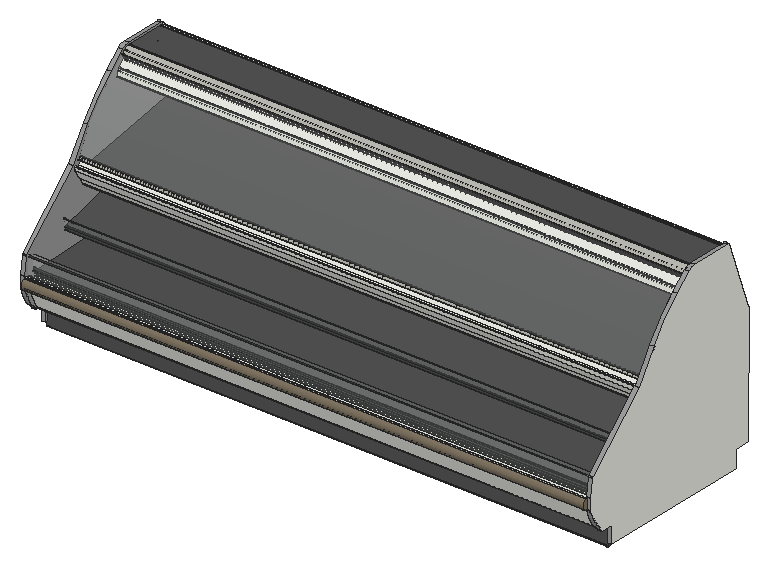
Revit family "CR3-M-EP_2014", category Specialty Equipment, Revit 2014 (continued)
Automatic sketch dimensions
  Extrusion 4 sketch curve to Extrusion 4 sketch curve = 0.094"
  plane 1 "Back" to Extrusion 4 sketch curve = 5.35709"
  plane 3 "Top" to Extrusion 4 sketch curve = 2.81137"
  Extrusion 4 sketch curve to Extrusion 4 sketch curve = 0.05499"
  Extrusion 4 sketch curve to Extrusion 4 sketch curve = 0.30164"
  Extrusion 4 sketch curve to Extrusion 4 sketch curve = 0.16454"
  Extrusion 4 sketch curve to Extrusion 4 sketch curve = 0.02668"  (x3)
  plane 3 "Top" to Extrusion 4 sketch curve = 0.09328"
  Extrusion 4 sketch curve to Extrusion 4 sketch curve = 0.94638"
  Extrusion 4 sketch curve to plane 3 "Top" = 0.10543"
  Extrusion 4 sketch curve to Extrusion 4 sketch curve = 0.28379"
  plane 3 "Top" to Extrusion 4 sketch curve = 3.43393"  (x2)
  Extrusion 4 sketch curve to Extrusion 4 sketch curve = 1.28523"
  Extrusion 4 sketch curve to plane 3 "Top" = 0.01343"
  Extrusion 4 sketch curve to Extrusion 4 sketch curve = 0.58404"
  Extrusion 4 sketch curve to Extrusion 4 sketch curve = 0.36"
  Extrusion 4 sketch curve to Extrusion 4 sketch curve = 0.078"
  Extrusion 4 sketch curve to Extrusion 4 sketch curve = 0.99303"
  Extrusion 4 sketch curve to Extrusion 4 sketch curve = 0.10921"
  plane 3 "Top" to Extrusion 4 sketch curve = 3.03274"
  Extrusion 4 sketch curve to Extrusion 4 sketch curve = 0.0733"  (x4)
  plane 3 "Top" to Extrusion 4 sketch curve = 2.99773"
  Extrusion 4 sketch curve to Extrusion 4 sketch curve = 0.12674"
  plane 3 "Top" to Extrusion 4 sketch curve = 3.07661"
  Extrusion 4 sketch curve to Extrusion 4 sketch curve = 0.00383"
  plane 3 "Top" to Extrusion 4 sketch curve = 2.99595"
  Extrusion 4 sketch curve to Extrusion 4 sketch curve = 0.13143"
  Extrusion 4 sketch curve to Extrusion 4 sketch curve = 0.16815"
  plane 3 "Top" to Extrusion 4 sketch curve = 3.45906"
  Extrusion 4 sketch curve to Extrusion 4 sketch curve = 0.09297"
  Extrusion 4 sketch curve to Extrusion 4 sketch curve = 0.21505"
  Extrusion 4 sketch curve to Extrusion 4 sketch curve = 0.57523"
  plane 3 "Top" to Extrusion 4 sketch curve = 5.61685"
  Extrusion 4 sketch curve to Extrusion 4 sketch curve = 0.07283"
  Extrusion 4 sketch curve to Extrusion 4 sketch curve = 0.39425"
  Extrusion 4 sketch curve to Extrusion 4 sketch curve = 0.25315"
  Extrusion 4 sketch curve to Extrusion 4 sketch curve = 1.4963"
  Extrusion 4 sketch curve to Extrusion 4 sketch curve = 10.83904"
  Extrusion 4 sketch curve to Extrusion 4 sketch curve = 5.63256"
  plane 3 "Top" to Extrusion 4 sketch curve = 6.64353"
  Extrusion 4 sketch curve to Extrusion 4 sketch curve = 0.39943"
  plane 3 "Top" to Extrusion 4 sketch curve = 0.34572"
  Extrusion 4 sketch curve to Extrusion 4 sketch curve = 1.07272"
  plane 3 "Top" to Extrusion 4 sketch curve = 5.63104"
  Extrusion 4 sketch curve to Extrusion 4 sketch curve = 1.75628"
  Extrusion 4 sketch curve to Extrusion 4 sketch curve = 0.96014"
  plane 3 "Top" to Extrusion 4 sketch curve = 5.09665"
  Extrusion 4 sketch curve to Extrusion 4 sketch curve = 0.31787"
  Extrusion 4 sketch curve to Extrusion 4 sketch curve = 0.08586"
  Extrusion 4 sketch curve to Extrusion 4 sketch curve = 0.09299"
  Extrusion 4 sketch curve to Extrusion 4 sketch curve = 0.34287"
  plane 3 "Top" to Extrusion 4 sketch curve = 2.8629"
  Extrusion 4 sketch curve to Extrusion 4 sketch curve = 0.00169"
  Extrusion 4 sketch curve to Extrusion 4 sketch curve = 3.46413"
  Extrusion 4 sketch curve to Extrusion 4 sketch curve = 0.1985"
  Extrusion 4 sketch curve to Extrusion 4 sketch curve = 0.39567"
  Extrusion 4 sketch curve to Extrusion 4 sketch curve = 0.02615"
  Extrusion 4 sketch curve to Extrusion 4 sketch curve = 0.09454"
  Extrusion 4 sketch curve to Extrusion 4 sketch curve = 0.9635"
  Extrusion 4 sketch curve to Extrusion 4 sketch curve = 0.55307"
  Extrusion 4 sketch curve to Extrusion 4 sketch curve = 0.22491"
  level to Extrusion 4 sketch curve = 7.60758"
  Extrusion 4 sketch curve to Extrusion 4 sketch curve = 1.08831"
  Extrusion 4 sketch curve to Extrusion 4 sketch curve = 0.96365"
  plane 3 "Top" to Extrusion 4 sketch curve = 3.963"
  Extrusion 4 sketch curve to Extrusion 4 sketch curve = 0.66947"
  Extrusion 4 sketch curve to Extrusion 4 sketch curve = 0.29278"
  Extrusion 4 sketch curve to Extrusion 4 sketch curve = 0.03128"
  plane 3 "Top" to Extrusion 4 sketch curve = 3.8676"
  Extrusion 4 sketch curve to Extrusion 4 sketch curve = 0.06541"  (x3)
  Extrusion 4 sketch curve to Extrusion 4 sketch curve = 0.08373"
  Extrusion 4 sketch curve to Extrusion 4 sketch curve = 0.01755"
  plane 3 "Top" to Extrusion 4 sketch curve = 4.1655"
  Extrusion 4 sketch curve to Extrusion 4 sketch curve = 0.0336"
  Extrusion 4 sketch curve to Extrusion 4 sketch curve = 0.06279"
  plane 3 "Top" to Extrusion 4 sketch curve = 5.443"
  Extrusion 4 sketch curve to Extrusion 4 sketch curve = 0.34454"
  plane 3 "Top" to Extrusion 4 sketch curve = 5.43364"
  Extrusion 4 sketch curve to Extrusion 4 sketch curve = 0.03373"
  plane 3 "Top" to Extrusion 4 sketch curve = 5.76495"
  plane 3 "Top" to Extrusion 4 sketch curve = 5.7556"
  Extrusion 4 sketch curve to Extrusion 4 sketch curve = 0.02891"
  plane 3 "Top" to Extrusion 4 sketch curve = 5.73981"
  Extrusion 4 sketch curve to Extrusion 4 sketch curve = 0.02898"
  plane 3 "Top" to Extrusion 4 sketch curve = 5.73076"
  Extrusion 4 sketch curve to Extrusion 4 sketch curve = 2.4815"
  Extrusion 4 sketch curve to Extrusion 4 sketch curve = 0.13688"
  Extrusion 4 sketch curve to Extrusion 4 sketch curve = 11/64"
  Extrusion 4 sketch curve to Extrusion 4 sketch curve = 0.04029"
  Extrusion 4 sketch curve to Extrusion 4 sketch curve = 0.06467"
  Extrusion 4 sketch curve to Extrusion 4 sketch curve = 0.06385"
  Extrusion 4 sketch curve to Extrusion 4 sketch curve = 1.13746"
  Extrusion 4 sketch curve to Extrusion 4 sketch curve = 4.3775"
  Extrusion 4 sketch curve to Extrusion 4 sketch curve = 0.01645"
  Extrusion 4 sketch curve to Extrusion 4 sketch curve = 0.4502"
  Extrusion 4 sketch curve to Extrusion 4 sketch curve = 0.00259"
  Extrusion 4 sketch curve to Extrusion 4 sketch curve = 0.05031"
  Extrusion 4 sketch curve to Extrusion 4 sketch curve = 0.01129"  (x5)
  Extrusion 4 sketch curve to Extrusion 4 sketch curve = 1.65387"
  Extrusion 4 sketch curve to Extrusion 4 sketch curve = 0.0325"  (x3)
  Extrusion 4 sketch curve to Extrusion 4 sketch curve = 1.22799"
  Extrusion 4 sketch curve to Extrusion 4 sketch curve = 0.00521"  (x2)
  Extrusion 4 sketch curve to Extrusion 4 sketch curve = 0.09662"  (x2)
  Extrusion 4 sketch curve to Extrusion 4 sketch curve = 0.83717"
  Extrusion 4 sketch curve to Extrusion 4 sketch curve = 1.59722"
  Extrusion 4 sketch curve to Extrusion 4 sketch curve = 0.87601"
  Extrusion 4 sketch curve to Extrusion 4 sketch curve = 0.08357"
  Extrusion 4 sketch curve to Extrusion 4 sketch curve = 0.02379"  (x2)
  Extrusion 4 sketch curve to Extrusion 4 sketch curve = 0.17499"
  Extrusion 4 sketch curve to Extrusion 4 sketch curve = 0.015"  (x4)
  Extrusion 4 sketch curve to Extrusion 4 sketch curve = 0.02598"
  Extrusion 4 sketch curve to Extrusion 4 sketch curve = 2.12313"
  Extrusion 4 sketch curve to Extrusion 4 sketch curve = 0.01904"
  Extrusion 4 sketch curve to Extrusion 4 sketch curve = 0.83568"
  Extrusion 4 sketch curve to Extrusion 4 sketch curve = 0.05629"  (x2)
  Extrusion 4 sketch curve to Extrusion 4 sketch curve = 0.15029"
  Extrusion 4 sketch curve to Extrusion 4 sketch curve = 0.03754"
  Extrusion 4 sketch curve to Extrusion 4 sketch curve = 0.49339"  (x2)
  Extrusion 4 sketch curve to Extrusion 4 sketch curve = 0.04596"
  Extrusion 4 sketch curve to Extrusion 4 sketch curve = 0.05157"
  Extrusion 4 sketch curve to Extrusion 4 sketch curve = 0.87159"
  Extrusion 4 sketch curve to Extrusion 4 sketch curve = 0.06189"
  Extrusion 4 sketch curve to Extrusion 4 sketch curve = 1.66598"
  Extrusion 4 sketch curve to Extrusion 4 sketch curve = 0.75885"
  Extrusion 4 sketch curve to Extrusion 4 sketch curve = 0.01798"
  Extrusion 4 sketch curve to Extrusion 4 sketch curve = 0.7957"
  Extrusion 4 sketch curve to Extrusion 4 sketch curve = 0.21178"
  Extrusion 4 sketch curve to Extrusion 4 sketch curve = 0.02642"
  Extrusion 4 sketch curve to Extrusion 4 sketch curve = 0.06333"
  plane 5 "Front" to Extrusion 4 sketch curve = 6.06739"
  Extrusion 4 sketch curve to Extrusion 4 sketch curve = 0.05811"
  Extrusion 4 sketch curve to Extrusion 4 sketch curve = 1/16"
  Extrusion 4 sketch curve to Extrusion 4 sketch curve = 0.00996"
  Extrusion 4 sketch curve to Extrusion 4 sketch curve = 0.06037"
  Extrusion 4 sketch curve to Extrusion 4 sketch curve = 0.345"  (x2)
  Extrusion 4 sketch curve to Extrusion 4 sketch curve = 0.72585"
  Extrusion 4 sketch curve to Extrusion 4 sketch curve = 0.002"
  Extrusion 4 sketch curve to Extrusion 4 sketch curve = 0.07433"
  Extrusion 4 sketch curve to Extrusion 4 sketch curve = 0.05894"
  Extrusion 4 sketch curve to Extrusion 4 sketch curve = 0.942"
  Extrusion 4 sketch curve to Extrusion 4 sketch curve = 0.437"
  Extrusion 4 sketch curve to Extrusion 4 sketch curve = 1.30099"
  Extrusion 4 sketch curve to Extrusion 4 sketch curve = 0.321"  (x2)
  Extrusion 4 sketch curve to Extrusion 4 sketch curve = 0.3835"
  Extrusion 4 sketch curve to Extrusion 4 sketch curve = 0.33171"
  Extrusion 4 sketch curve to Extrusion 4 sketch curve = 0.48743"
  Extrusion 4 sketch curve to Extrusion 4 sketch curve = 0.0925"  (x2)
  Extrusion 4 sketch curve to Extrusion 4 sketch curve = 0.71176"
  Extrusion 4 sketch curve to Extrusion 4 sketch curve = 0.95999"
  Extrusion 4 sketch curve to Extrusion 4 sketch curve = 0.0605"
  Extrusion 4 sketch curve to Extrusion 4 sketch curve = 0.136"
  Extrusion 4 sketch curve to Extrusion 4 sketch curve = 0.70692"
  Extrusion 4 sketch curve to Extrusion 4 sketch curve = 0.92046"
  Extrusion 4 sketch curve to Extrusion 4 sketch curve = 1.6225"
  Extrusion 4 sketch curve to Extrusion 4 sketch curve = 0.57125"
  Extrusion 4 sketch curve to Extrusion 4 sketch curve = 0.18131"
  Extrusion 4 sketch curve to Extrusion 4 sketch curve = 0.02229"
  Extrusion 4 sketch curve to Extrusion 4 sketch curve = 0.92417"
  Extrusion 4 sketch curve to Extrusion 4 sketch curve = 2.51608"
  Extrusion 4 sketch curve to Extrusion 4 sketch curve = 0.234"
  Extrusion 4 sketch curve to Extrusion 4 sketch curve = 3.88125"
  Extrusion 4 sketch curve to Extrusion 4 sketch curve = 0.91209"
  Extrusion 4 sketch curve to Extrusion 4 sketch curve = 0.01618"
  Extrusion 4 sketch curve to Extrusion 4 sketch curve = 0.11688"
  Extrusion 4 sketch curve to Extrusion 4 sketch curve = 1.62375"
  Extrusion 4 sketch curve to Extrusion 4 sketch curve = 0.49188"
  Extrusion 4 sketch curve to Extrusion 4 sketch curve = 0.062"
  Extrusion 4 sketch curve to Extrusion 4 sketch curve = 0.59641"
  Extrusion 4 sketch curve to Extrusion 4 sketch curve = 0.371"
  Extrusion 4 sketch curve to Extrusion 4 sketch curve = 0.24458"
  Extrusion 4 sketch curve to Extrusion 4 sketch curve = 12.25814"
  Extrusion 4 sketch curve to Extrusion 4 sketch curve = 0.00656"
  Extrusion 4 sketch curve to Extrusion 4 sketch curve = 0.39739"
  Extrusion 4 sketch curve to Extrusion 4 sketch curve = 0.32348"
  Extrusion 4 sketch curve to Extrusion 4 sketch curve = 0.40266"
  Extrusion 4 sketch curve to Extrusion 4 sketch curve = 2.20453"
  Extrusion 4 sketch curve to Extrusion 4 sketch curve = 0.96558"
  Extrusion 4 sketch curve to Extrusion 4 sketch curve = 0.00552"
  Extrusion 4 sketch curve to Extrusion 4 sketch curve = 0.00871"
  Extrusion 4 sketch curve to Extrusion 4 sketch curve = 0.2278"
  Extrusion 4 sketch curve to Extrusion 4 sketch curve = 0.43171"
  Extrusion 4 sketch curve to Extrusion 4 sketch curve = 0.48256"
  Extrusion 4 sketch curve to Extrusion 4 sketch curve = 0.21425"
  Extrusion 4 sketch curve to Extrusion 4 sketch curve = 0.2033"
  Extrusion 4 sketch curve to Extrusion 4 sketch curve = 0.10971"
  Extrusion 4 sketch curve to Extrusion 4 sketch curve = 1.49484"
  Extrusion 4 sketch curve to Extrusion 4 sketch curve = 0.03573"
  Extrusion 4 sketch curve to Extrusion 4 sketch curve = 1.57639"
  Extrusion 4 sketch curve to Extrusion 4 sketch curve = 2.55901"
  Extrusion 4 sketch curve to Extrusion 4 sketch curve = 2.10033"
  Extrusion 4 sketch curve to Extrusion 4 sketch curve = 0.18997"
  Extrusion 4 sketch curve to Extrusion 4 sketch curve = 0.02468"
  Extrusion 4 sketch curve to Extrusion 4 sketch curve = 0.1215"
  Extrusion 4 sketch curve to Extrusion 4 sketch curve = 0.02433"
  Extrusion 4 sketch curve to Extrusion 4 sketch curve = 0.27401"
  Extrusion 4 sketch curve to Extrusion 4 sketch curve = 0.45308"
  Extrusion 4 sketch curve to Extrusion 4 sketch curve = 0.53668"
  Extrusion 4 sketch curve to Extrusion 4 sketch curve = 2.0894"
  Extrusion 4 sketch curve to Extrusion 4 sketch curve = 0.71345"
  Extrusion 4 sketch curve to Extrusion 4 sketch curve = 0.15642"
  Extrusion 4 sketch curve to Extrusion 4 sketch curve = 0.37047"
  Extrusion 4 sketch curve to Extrusion 4 sketch curve = 0.04042"
  Extrusion 4 sketch curve to Extrusion 4 sketch curve = 0.07403"
  Extrusion 4 sketch curve to Extrusion 4 sketch curve = 0.70129"
  Extrusion 4 sketch curve to Extrusion 4 sketch curve = 0.03957"
  Extrusion 4 sketch curve to Extrusion 4 sketch curve = 4.44465"
  Extrusion 4 sketch curve to Extrusion 4 sketch curve = 0.01077"
  Extrusion 4 sketch curve to Extrusion 4 sketch curve = 119/256"
  Extrusion 4 sketch curve to Extrusion 4 sketch curve = 0.0054"
  Extrusion 4 sketch curve to Extrusion 4 sketch curve = 0.11679"
  Extrusion 4 sketch curve to Extrusion 4 sketch curve = 0.00402"
  Extrusion 4 sketch curve to Extrusion 4 sketch curve = 0.12516"
  Extrusion 4 sketch curve to Extrusion 4 sketch curve = 0.07006"
  Extrusion 4 sketch curve to Extrusion 4 sketch curve = 0.5022"
  Extrusion 4 sketch curve to Extrusion 4 sketch curve = 0.30902"
  Extrusion 4 sketch curve to Extrusion 4 sketch curve = 1.29255"
  Extrusion 4 sketch curve to Extrusion 4 sketch curve = 0.05975"
  Extrusion 4 sketch curve to Extrusion 4 sketch curve = 0.38356"
  Extrusion 4 sketch curve to Extrusion 4 sketch curve = 0.12226"
  Extrusion 4 sketch curve to Extrusion 4 sketch curve = 0.58074"
  Extrusion 4 sketch curve to Extrusion 4 sketch curve = 0.1275"
  Extrusion 4 sketch curve to Extrusion 4 sketch curve = 0.01682"
  Extrusion 4 sketch curve to Extrusion 4 sketch curve = 0.00295"
  Extrusion 4 sketch curve to Extrusion 4 sketch curve = 0.00176"
  Extrusion 4 sketch curve to Extrusion 4 sketch curve = 0.06381"
  Extrusion 4 sketch curve to Extrusion 4 sketch curve = 0.15477"
  Extrusion 4 sketch curve to Extrusion 4 sketch curve = 0.00759"
  Extrusion 4 sketch curve to Extrusion 4 sketch curve = 0.04499"
  Extrusion 4 sketch curve to Extrusion 4 sketch curve = 0.22824"
  Extrusion 4 sketch curve to Extrusion 4 sketch curve = 0.50144"
  Extrusion 4 sketch curve to Extrusion 4 sketch curve = 0.00074"
  Extrusion 4 sketch curve to Extrusion 4 sketch curve = 0.03597"
  Extrusion 4 sketch curve to Extrusion 4 sketch curve = 0.0059"
  Extrusion 4 sketch curve to Extrusion 4 sketch curve = 0.01002"
  Extrusion 4 sketch curve to Extrusion 4 sketch curve = 0.19181"
  Extrusion 4 sketch curve to Extrusion 4 sketch curve = 0.00194"
  plane 3 "Top" to Extrusion 4 sketch curve = 6.83318"
  Extrusion 4 sketch curve to Extrusion 4 sketch curve = 0.00138"
  Extrusion 4 sketch curve to Extrusion 4 sketch curve = 0.11157"
  Extrusion 4 sketch curve to Extrusion 4 sketch curve = 0.00861"
  Extrusion 4 sketch curve to Extrusion 4 sketch curve = 0.00489"
  Extrusion 4 sketch curve to Extrusion 4 sketch curve = 0.31751"
  Extrusion 4 sketch curve to Extrusion 4 sketch curve = 0.00042"
  Extrusion 4 sketch curve to Extrusion 4 sketch curve = 0.03852"
  plane 3 "Top" to Extrusion 4 sketch curve = 2.44542"
  Extrusion 4 sketch curve to Extrusion 4 sketch curve = 0.15347"
  Extrusion 4 sketch curve to Extrusion 4 sketch curve = 0.00325"
  Extrusion 4 sketch curve to Extrusion 4 sketch curve = 0.23579"
  Extrusion 4 sketch curve to Extrusion 4 sketch curve = 0.00465"
  Extrusion 4 sketch curve to Extrusion 4 sketch curve = 0.00004"
  Extrusion 4 sketch curve to Extrusion 4 sketch curve = 0.30773"
  Extrusion 4 sketch curve to Extrusion 4 sketch curve = 0.51594"
  Extrusion 4 sketch curve to Extrusion 4 sketch curve = 0.013"
  plane 1 "Back" to Extrusion 13 sketch curve = 4.20791"
  Extrusion 13 sketch curve to Extrusion 13 sketch curve = 0.25088"
  plane 3 "Top" to Extrusion 13 sketch curve = 16.91654"
  Extrusion 13 sketch curve to Extrusion 13 sketch curve = 0.02625"
  Extrusion 13 sketch curve to Extrusion 13 sketch curve = 0.04547"
  Extrusion 13 sketch curve to Extrusion 13 sketch curve = 0.02273"
  Extrusion 13 sketch curve to Extrusion 13 sketch curve = 0.14549"
  Extrusion 13 sketch curve to Extrusion 13 sketch curve = 0.00428"
  Extrusion 13 sketch curve to Extrusion 13 sketch curve = 0.018"
  Extrusion 13 sketch curve to Extrusion 13 sketch curve = 0.02696"
  Extrusion 13 sketch curve to Extrusion 13 sketch curve = 0.00554"
  Extrusion 13 sketch curve to Extrusion 13 sketch curve = 0.02485"
  Extrusion 13 sketch curve to Extrusion 13 sketch curve = 0.03144"
  Extrusion 13 sketch curve to Extrusion 13 sketch curve = 0.01683"
  Extrusion 13 sketch curve to Extrusion 13 sketch curve = 0.17222"
  Extrusion 13 sketch curve to Extrusion 13 sketch curve = 0.00608"
  Extrusion 13 sketch curve to Extrusion 13 sketch curve = 0.00521"
  Extrusion 13 sketch curve to Extrusion 13 sketch curve = 0.02954"
  Extrusion 13 sketch curve to Extrusion 13 sketch curve = 0.06091"
  Extrusion 13 sketch curve to Extrusion 13 sketch curve = 0.0715"
  Extrusion 13 sketch curve to Extrusion 13 sketch curve = 0.13241"
  Extrusion 13 sketch curve to Extrusion 13 sketch curve = 0.02737"
  Extrusion 13 sketch curve to Extrusion 13 sketch curve = 0.11822"
  Extrusion 13 sketch curve to Extrusion 13 sketch curve = 0.00712"
  Extrusion 13 sketch curve to Extrusion 13 sketch curve = 0"  (x2)
  Extrusion 13 sketch curve to Extrusion 13 sketch curve = 0.03194"  (x2)
  Extrusion 13 sketch curve to Extrusion 13 sketch curve = 0.09273"
  Extrusion 13 sketch curve to Extrusion 13 sketch curve = 0.01432"
  Extrusion 13 sketch curve to Extrusion 13 sketch curve = 4.35206"
  Extrusion 11 sketch curve to Extrusion 11 sketch curve = 0"  (x4)
  plane 5 "Front" to Extrusion 11 sketch curve = 18.14405"
  Extrusion 11 sketch curve to Extrusion 11 sketch curve = 0.03497"
  Extrusion 11 sketch curve to Extrusion 11 sketch curve = 0.05701"
  Extrusion 11 sketch curve to Extrusion 11 sketch curve = 0.00068"
  Extrusion 11 sketch curve to Extrusion 11 sketch curve = 0.26341"
  Extrusion 11 sketch curve to Extrusion 11 sketch curve = 0.23131"
  Extrusion 11 sketch curve to Extrusion 11 sketch curve = 0.02234"
  Extrusion 11 sketch curve to Extrusion 11 sketch curve = 0.001"
  Extrusion 11 sketch curve to Extrusion 11 sketch curve = 0.05816"
  Extrusion 11 sketch curve to Extrusion 11 sketch curve = 0.05649"
  Extrusion 11 sketch curve to Extrusion 11 sketch curve = 0.01279"
  Extrusion 11 sketch curve to Extrusion 11 sketch curve = 0.05749"
  Extrusion 11 sketch curve to Extrusion 11 sketch curve = 0.02271"
  Extrusion 11 sketch curve to Extrusion 11 sketch curve = 0.05103"
  Extrusion 11 sketch curve to Extrusion 11 sketch curve = 0.06982"
  Extrusion 11 sketch curve to Extrusion 11 sketch curve = 0.05319"
  Extrusion 11 sketch curve to Extrusion 11 sketch curve = 0.02085"
  Extrusion 11 sketch curve to Extrusion 11 sketch curve = 0.24863"
  Extrusion 11 sketch curve to Extrusion 11 sketch curve = 0.01136"
  Extrusion 11 sketch curve to Extrusion 11 sketch curve = 0.10181"
  Extrusion 11 sketch curve to Extrusion 11 sketch curve = 0.01343"
  Extrusion 11 sketch curve to Extrusion 11 sketch curve = 0.17617"
  Extrusion 11 sketch curve to Extrusion 11 sketch curve = 0.0652"
  Extrusion 11 sketch curve to Extrusion 11 sketch curve = 0.13275"
  plane 3 "Top" to Extrusion 11 sketch curve = 1.39988"
  plane 1 "Back" to Extrusion 11 sketch curve = 19.25227"
  Extrusion 11 sketch curve to Extrusion 11 sketch curve = 0.00868"
  plane 3 "Top" to Extrusion 11 sketch curve = 1.7342"
  Extrusion 11 sketch curve to Extrusion 11 sketch curve = 0.16803"
  plane 3 "Top" to Extrusion 11 sketch curve = 1.65126"
  Extrusion 11 sketch curve to Extrusion 11 sketch curve = 0.01477"
  Extrusion 11 sketch curve to Extrusion 11 sketch curve = 0.04814"
  plane 3 "Top" to Extrusion 11 sketch curve = 1.82963"
  Extrusion 11 sketch curve to Extrusion 11 sketch curve = 0.06782"
  Extrusion 11 sketch curve to Extrusion 11 sketch curve = 0.01605"
  plane 3 "Top" to Extrusion 11 sketch curve = 1.83427"
  Extrusion 11 sketch curve to Extrusion 11 sketch curve = 0.0114"
  plane 3 "Top" to Extrusion 11 sketch curve = 1.72551"
  Extrusion 11 sketch curve to Extrusion 11 sketch curve = 0.15304"
  plane 3 "Top" to Extrusion 11 sketch curve = 2.07085"
  Extrusion 11 sketch curve to Extrusion 11 sketch curve = 0.19743"
  plane 3 "Top" to Extrusion 11 sketch curve = 0.95506"
  Extrusion 11 sketch curve to Extrusion 11 sketch curve = 0.63056"
  plane 3 "Top" to Extrusion 11 sketch curve = 1.31666"
  Extrusion 11 sketch curve to Extrusion 11 sketch curve = 0.03225"
  plane 3 "Top" to Extrusion 11 sketch curve = 1.09622"
  Extrusion 11 sketch curve to Extrusion 11 sketch curve = 0.11384"
  plane 3 "Top" to Extrusion 11 sketch curve = 0.86558"
  Extrusion 11 sketch curve to Extrusion 11 sketch curve = 0.12568"
  Extrusion 11 sketch curve to Extrusion 11 sketch curve = 0.02337"
  plane 3 "Top" to Extrusion 11 sketch curve = 1.22956"
  Extrusion 11 sketch curve to Extrusion 11 sketch curve = 0.02224"
  plane 3 "Top" to Extrusion 11 sketch curve = 2.21881"
  Extrusion 11 sketch curve to Extrusion 11 sketch curve = 0.19211"
  plane 3 "Top" to Extrusion 11 sketch curve = 0.97768"
  Extrusion 11 sketch curve to Extrusion 11 sketch curve = 0.04242"
  plane 3 "Top" to Extrusion 11 sketch curve = 1.17426"
  Extrusion 11 sketch curve to Extrusion 11 sketch curve = 0.03209"
  Extrusion 11 sketch curve to Extrusion 11 sketch curve = 0.00324"
  plane 3 "Top" to Extrusion 11 sketch curve = 0.88519"
  Extrusion 11 sketch curve to Extrusion 11 sketch curve = 0.06493"
  Extrusion 11 sketch curve to Extrusion 11 sketch curve = 35/128"
  plane 3 "Top" to Extrusion 11 sketch curve = 0.97232"
  Extrusion 11 sketch curve to Extrusion 11 sketch curve = 0.05977"
  Extrusion 11 sketch curve to Extrusion 11 sketch curve = 0.74659"
  plane 3 "Top" to Extrusion 11 sketch curve = 0.07037"
  Extrusion 11 sketch curve to Extrusion 11 sketch curve = 0.92962"
  Extrusion 11 sketch curve to plane 3 "Top" = 0.04115"
  Extrusion 11 sketch curve to Extrusion 11 sketch curve = 0.21146"
  Extrusion 11 sketch curve to Extrusion 11 sketch curve = 0.0781"
  Extrusion 11 sketch curve to Extrusion 11 sketch curve = 0.08006"
  Extrusion 11 sketch curve to Extrusion 11 sketch curve = 0.02165"
  Extrusion 11 sketch curve to Extrusion 11 sketch curve = 0.06791"
  Extrusion 11 sketch curve to Extrusion 11 sketch curve = 0.15832"
  plane 3 "Top" to Extrusion 11 sketch curve = 0.34572"
  Extrusion 11 sketch curve to Extrusion 11 sketch curve = 0.08217"
  Extrusion 11 sketch curve to Extrusion 11 sketch curve = 0.32732"
  Extrusion 11 sketch curve to Extrusion 11 sketch curve = 0.01637"
  Extrusion 11 sketch curve to plane 1 "Back" = 4.38285"
  Extrusion 11 sketch curve to Extrusion 11 sketch curve = 0.20997"
  plane 3 "Top" to Extrusion 11 sketch curve = 18.80828"
  Extrusion 11 sketch curve to Extrusion 11 sketch curve = 0.0229"
  Extrusion 11 sketch curve to Extrusion 11 sketch curve = 0.10169"
  Extrusion 11 sketch curve to Extrusion 11 sketch curve = 0.02884"
  Extrusion 11 sketch curve to Extrusion 11 sketch curve = 0.06024"
  Extrusion 11 sketch curve to Extrusion 11 sketch curve = 0.04023"
  Extrusion 11 sketch curve to Extrusion 11 sketch curve = 0.25707"
  Extrusion 11 sketch curve to Extrusion 11 sketch curve = 0.02688"
  Extrusion 11 sketch curve to Extrusion 11 sketch curve = 0.05327"
  Extrusion 11 sketch curve to Extrusion 11 sketch curve = 0.02245"
  Extrusion 11 sketch curve to Extrusion 11 sketch curve = 0.00027"
  Extrusion 11 sketch curve to Extrusion 11 sketch curve = 0.05422"
  Extrusion 11 sketch curve to Extrusion 11 sketch curve = 0.09285"
  Extrusion 11 sketch curve to Extrusion 11 sketch curve = 0.04609"
  Extrusion 11 sketch curve to Extrusion 11 sketch curve = 0.03447"
  Extrusion 11 sketch curve to Extrusion 11 sketch curve = 0.00846"
  Extrusion 11 sketch curve to Extrusion 11 sketch curve = 0.0021"
  Extrusion 11 sketch curve to Extrusion 11 sketch curve = 0.03168"
  Extrusion 11 sketch curve to Extrusion 11 sketch curve = 0.0384"
  Extrusion 11 sketch curve to Extrusion 11 sketch curve = 0.22693"
  Extrusion 11 sketch curve to Extrusion 11 sketch curve = 0.00749"
  Extrusion 11 sketch curve to Extrusion 11 sketch curve = 0.09452"
  Extrusion 11 sketch curve to Extrusion 11 sketch curve = 0.03351"
  plane 3 "Top" to Extrusion 11 sketch curve = 0.46482"
  Extrusion 11 sketch curve to Extrusion 11 sketch curve = 0.11476"
  Extrusion 11 sketch curve to Extrusion 11 sketch curve = 0.06815"
  Extrusion 14 sketch curve to Extrusion 14 sketch curve = 0"  (x2)
  plane 5 "Front" to Extrusion 14 sketch curve = 18.20106"
  Extrusion 14 sketch curve to Extrusion 14 sketch curve = 0.23262"
  Extrusion 14 sketch curve to plane 1 "Back" = 4.36059"
  level to Extrusion 14 sketch curve = 19.21683"
  plane 3 "Top" to Extrusion 14 sketch curve = 19.59132"
  Extrusion 14 sketch curve to Extrusion 14 sketch curve = 0.09159"
  plane 3 "Top" to Extrusion 14 sketch curve = 0.9955"
  Extrusion 14 sketch curve to Extrusion 14 sketch curve = 0.1428"
  level to Extrusion 39 sketch curve = 1"
  Extrusion 39 sketch curve to Extrusion 39 sketch curve = 3.99034"  (x2)
  Extrusion 39 sketch curve to Extrusion 39 sketch curve = 3/8"  (x2)
  plane 1 "Back" to Extrusion 39 sketch curve = 0.20841"  (x2)
  Extrusion 39 sketch curve to Extrusion 39 sketch curve = 1/4"  (x3)
  Extrusion 39 sketch curve to Extrusion 39 sketch curve = 0.31471"
  plane 5 "Front" to Extrusion 39 sketch curve = 1.24007"
  Extrusion 39 sketch curve to Extrusion 39 sketch curve = 5.78758"
  level to Extrusion 39 sketch curve = 13.13097"
  Extrusion 39 sketch curve to Extrusion 39 sketch curve = 2.51899"
  plane 5 "Front" to Extrusion 39 sketch curve = 2.13046"
  Extrusion 39 sketch curve to Extrusion 39 sketch curve = 7.15987"
  plane 5 "Front" to Extrusion 39 sketch curve = 1.78715"
  Extrusion 39 sketch curve to Extrusion 39 sketch curve = 0.3635"
  Extrusion 39 sketch curve to plane 1 "Back" = 4.36059"
  Extrusion 39 sketch curve to Extrusion 39 sketch curve = 13.60149"
  Extrusion 39 sketch curve to Extrusion 39 sketch curve = 17.3473"
  Extrusion 39 sketch curve to Extrusion 39 sketch curve = 0.07517"
  Extrusion 39 sketch curve to Extrusion 39 sketch curve = 0.19746"
  plane 3 "Top" to Extrusion 39 sketch curve = 16.82791"
  Extrusion 39 sketch curve to plane 1 "Back" = 0.02652"
  Extrusion 39 sketch curve to Extrusion 39 sketch curve = 7.46966"
  plane 3 "Top" to Extrusion 39 sketch curve = 3.82264"
  plane 3 "Top" to Extrusion 39 sketch curve = 2.68623"
  plane 3 "Top" to Extrusion 39 sketch curve = 0.44842"
  Extrusion 39 sketch curve to plane 3 "Top" = 0.06377"
  Extrusion 39 sketch curve to plane 3 "Top" = 0.14927"
  Extrusion 39 sketch curve to Extrusion 39 sketch curve = 3.40395"
  plane 1 "Back" to Extrusion 39 sketch curve = 6.12155"
  Extrusion 39 sketch curve to Extrusion 39 sketch curve = 10.47932"
  Extrusion 39 sketch curve to Extrusion 39 sketch curve = 3.77915"
  Extrusion 39 sketch curve to Extrusion 39 sketch curve = 4.62645"
  Extrusion 39 sketch curve to Extrusion 39 sketch curve = 0.06132"
  Extrusion 39 sketch curve to Extrusion 39 sketch curve = 9.2809"
  plane 5 "Front" to Extrusion 39 sketch curve = 7.75368"
  Extrusion 39 sketch curve to Extrusion 39 sketch curve = 2.60672"
  Extrusion 39 sketch curve to Extrusion 39 sketch curve = 0.01343"
  Extrusion 39 sketch curve to Extrusion 39 sketch curve = 0.0802"
  Extrusion 39 sketch curve to Extrusion 39 sketch curve = 2 29/32"
  Extrusion 39 sketch curve to Extrusion 39 sketch curve = 0.21081"
  plane 5 "Front" to Extrusion 40 sketch curve = 0.99007"
  Extrusion 40 sketch curve to Extrusion 40 sketch curve = 1/4"
  plane 5 "Front" to Extrusion 40 sketch curve = 1.78715"
  Extrusion 40 sketch curve to Extrusion 40 sketch curve = 0.34332"
  plane 5 "Front" to Extrusion 40 sketch curve = 4.75852"
  Extrusion 40 sketch curve to Extrusion 40 sketch curve = 0.01343"
  Extrusion 40 sketch curve to Extrusion 40 sketch curve = 2.60672"
  level to Extrusion 40 sketch curve = 1"
  Extrusion 40 sketch curve to Extrusion 40 sketch curve = 3/8"  (x2)
  Extrusion 40 sketch curve to Extrusion 40 sketch curve = 7.52115"
  plane 5 "Front" to Extrusion 40 sketch curve = 16.3595"
  Extrusion 40 sketch curve to Extrusion 40 sketch curve = 0.25749"
  Extrusion 40 sketch curve to Extrusion 40 sketch curve = 0.06132"
  Extrusion 40 sketch curve to Extrusion 40 sketch curve = 4.62645"
  Extrusion 40 sketch curve to Extrusion 40 sketch curve = 9.2809"
  plane 3 "Top" to Extrusion 40 sketch curve = 3.82264"
  Extrusion 40 sketch curve to Extrusion 40 sketch curve = 7.45727"
  plane 3 "Top" to Extrusion 40 sketch curve = 0.44842"
  Extrusion 40 sketch curve to Extrusion 40 sketch curve = 3.77915"
  Extrusion 40 sketch curve to Extrusion 40 sketch curve = 1.99804"
  Extrusion 40 sketch curve to plane 3 "Top" = 0.31377"
  plane 1 "Back" to Extrusion 40 sketch curve = 6.35647"
  Extrusion 40 sketch curve to plane 3 "Top" = 0.14927"
  Extrusion 40 sketch curve to Extrusion 40 sketch curve = 0.23492"
  plane 1 "Back" to Extrusion 40 sketch curve = 3.98736"
  plane 1 "Back" to Extrusion 40 sketch curve = 0.20841"  (x2)
  Extrusion 40 sketch curve to plane 1 "Back" = 0.02652"
  Extrusion 40 sketch curve to plane 1 "Back" = 0.04159"
  Extrusion 40 sketch curve to plane 1 "Back" = 4.36059"
  Extrusion 40 sketch curve to Extrusion 40 sketch curve = 3.99034"  (x2)
  Extrusion 40 sketch curve to Extrusion 40 sketch curve = 0.31471"
  Extrusion 40 sketch curve to Extrusion 40 sketch curve = 5.78758"
  level to Extrusion 40 sketch curve = 13.13097"
  Extrusion 40 sketch curve to Extrusion 40 sketch curve = 2 29/32"
  Extrusion 40 sketch curve to Extrusion 40 sketch curve = 2.51899"
  Extrusion 40 sketch curve to Extrusion 40 sketch curve = 4.25364"
  Extrusion 40 sketch curve to Extrusion 40 sketch curve = 0.3635"
  Extrusion 40 sketch curve to Extrusion 40 sketch curve = 13.60149"
  Extrusion 40 sketch curve to Extrusion 40 sketch curve = 7.54483"
  Extrusion 40 sketch curve to Extrusion 40 sketch curve = 0.07517"
  plane 3 "Top" to Extrusion 40 sketch curve = 16.82791"
  Extrusion 40 sketch curve to Extrusion 40 sketch curve = 0"
  Extrusion 1 sketch curve to Extrusion 1 sketch curve = 0"  (x2)
  Extrusion 2 sketch curve to Extrusion 2 sketch curve = 0"
  Extrusion 3 sketch curve to Extrusion 3 sketch curve = 0"
  curve 8 to plane 4 "Left" = 0"
  curve 8 to plane 8 "Right" = 0"
  curve 5 to plane 5 "Front" = 0"
  plane 1 "Back" to curve 1 = 0"
  plane 1 "Back" to curve 4 = 0"
  plane 1 "Back" to curve 2 = 0"
  plane 1 "Back" to curve 3 = 0"
  plane 1 "Back" to curve 5 = 0"
  Extrusion 15 sketch curve to Extrusion 15 sketch curve = 0"  (x3)
  plane 6 "Center (Left/Right)" to Extrusion 15 sketch curve = 5"
Nested families (in)
  nested 1: "Floor Support - Pegs" at (-75.99499, -30.6875, 0), type "Floor Support - Pegs"
  nested 2: "Floor Support - Pegs" at (65.38051, -30.6875, 0), type "Floor Support - Pegs"
  nested 3: "Service Doors - 110deg - 48" at (18.69301, -25.0591, 11.25191), visible <- "12 Case", type "Service Doors - 110deg - 48"
  nested 4: "Light" at (-5.30699, -11.1887, -4.00524), type "Light"
  nested 5: "Light" at (-5.30699, -21.97556, -23.79603), type "Light"
  nested 6: "Light" at (-5.30699, -27.6863, -31.8452), type "Light"
  nested 7: "Service Doors - 110deg - 48" at (-29.30699, -25.0591, 11.25191), visible <- "12 Case", type "Service Doors - 110deg - 48"
  nested 8: "Service Doors - 110deg - 48" at (-77.30699, -25.0591, 11.25191), visible <- "12 Case", type "Service Doors - 110deg - 48"
  nested 9: "Service Doors - 110deg - 48" at (18.69301, -25.0591, 11.25191), visible <- "12 Case", type "Service Doors - 110deg - 48", not visible
  nested 10: "Service Doors - 110deg - 48" at (-29.30699, -25.0591, 11.25191), visible <- "12 Case", type "Service Doors - 110deg - 48", not visible
  nested 11: "Service Doors - 110deg - 48" at (-77.30699, -25.0591, 11.25191), visible <- "12 Case", type "Service Doors - 110deg - 48", not visible
  nested 12: "Service Doors - 110deg - 48" at (-29.30699, -25.0591, 11.25191), visible <- "8 Case", type "Service Doors - 110deg - 48"
  nested 13: "Service Doors - 110deg - 48" at (-77.30699, -25.0591, 11.25191), visible <- "8 Case", type "Service Doors - 110deg - 48"
  nested 14: "Service Doors - 110deg - 48" at (-29.30699, -25.0591, 11.25191), visible <- "8 Case", type "Service Doors - 110deg - 48", not visible
  nested 15: "Service Doors - 110deg - 48" at (-77.30699, -25.0591, 11.25191), visible <- "8 Case", type "Service Doors - 110deg - 48", not visible
  nested 16: "Service Doors - 110deg - 48" at (-77.30699, -25.0591, 11.25191), visible <- "4 Case", type "Service Doors - 110deg - 48"
  nested 17: "Service Doors - 110deg - 48" at (-77.30699, -25.0591, 11.25191), visible <- "4 Case", type "Service Doors - 110deg - 48", not visible
  nested 18: "Service Doors - 110deg - 72" at (-77.30699, -25.0591, 11.25191), visible <- "6 Case", type "Service Doors - 110deg - 72"
  nested 19: "Service Doors - 110deg - 72" at (-72.99499, -14.67418, 0), visible <- "6 Case", type "Service Doors - 110deg - 72", not visible
  nested 20: "Sliding Doors" at (-77.30699, -0.27157, 7.54708), type "Sliding Doors"
  nested 21: "Shelf Braket - 02" at (-75.99499, -21.46057, 19.51458), type "Shelf Braket - 02"
  nested 22: "Shelf Braket - 02" at (65.38051, -21.46057, 19.51458), type "Shelf Braket - 02"
  nested 23: "Floor Support - Pegs" at (-28.86982, -30.6875, 0), type "Floor Support - Pegs"
  nested 24: "Shelf Braket - 02" at (-28.86982, -21.46057, 19.51458), type "Shelf Braket - 02"
  nested 25: "Floor Support - Pegs" at (18.25535, -30.6875, 0), type "Floor Support - Pegs"
  nested 26: "Shelf Braket - 02" at (18.25535, -21.46057, 19.51458), type "Shelf Braket - 02"
  nested 27: "Light" at (-5.30699, 0.84005, -2.48334), type "Light"
Connectors (in)
  piping at (-13.43199, -38.875, 0), diameter 1.5, driven by "Waste Drain"
    settings: on Extrusion 1, index 8, connector inside diameter 1 1/4", connector length 0", flow factor 0, pipe flow 0 GPM, pressure drop 0.00 psi, fitting loss kfactor 0, connector angle 0.00°, fixture units 0, engagement length 0", angle of deflection 0.00°, flow configuration 0, flow direction 0, fitting loss method 0, system type 16, joint type 0, gender type 0, connector reference index -1, connector utility 0, adjustable connector no, is connector primary yes, connector description "1 1/4\""
  piping at (60.38051, -37.125, 0), diameter 0.625, driven by "Refrig. Suction", driven by "Refrigeration Lines Suction"
    settings: on Extrusion 2, index 9, connector inside diameter 7/8", connector length 0", flow factor 0, pipe flow 0 GPM, pressure drop 0.00 psi, fitting loss kfactor 0, connector angle 0.00°, fixture units 0, engagement length 0", angle of deflection 0.00°, flow configuration 0, flow direction 2, fitting loss method 0, system type 22, joint type 0, gender type 0, connector reference index -1, connector utility 0, adjustable connector no, is connector primary no, connector description "Suction"
  piping at (60.88051, -37.125, 0), diameter 0.375, driven by "Refrig. Liquid", driven by "Refrigeration Lines Liquid"
    settings: on Extrusion 3, index 10, connector inside diameter 3/8", connector length 0", flow factor 0, pipe flow 0 GPM, pressure drop 0.00 psi, fitting loss kfactor 0, connector angle 0.00°, fixture units 0, engagement length 0", angle of deflection 0.00°, flow configuration 0, flow direction 1, fitting loss method 0, system type 22, joint type 0, gender type 0, connector reference index -1, connector utility 0, adjustable connector no, is connector primary no, connector description "Liquid"
  piping at (-0.30699, -17.375, 0), diameter 1.5, driven by "Waste Drain"
    settings: on Extrusion 15, index 13, connector inside diameter 1 1/4", connector length 0", flow factor 0, pipe flow 0 GPM, pressure drop 0.00 psi, fitting loss kfactor 0, connector angle 0.00°, fixture units 0, engagement length 0", angle of deflection 0.00°, flow configuration 0, flow direction 0, fitting loss method 0, system type 16, joint type 0, gender type 0, connector reference index -1, connector utility 0, adjustable connector no, is connector primary no, connector description ""
Definition of nested family "Floor Support - Pegs"
  Parameters (values of type "Floor Support - Pegs")
    Leg = Stainless Steel
    Height = 6"
    Depth = 35 3/4"
  Reference planes (in)
    plane 1 "Center (Front/Back)": y = 6.9375
    plane 2: z = 0
    plane 3 "Center (Left/Right)": x = 0
    plane 4: z = 6
    plane 5: y = 24.8125
    plane 6: y = -10.9375
  Forms (in)
    Revolve 1, solid, material "Stainless Steel" <- "Leg"
      sketch origin (0, 0, 0) x (0, 1, 0) y (0, 0, 1)
        loop
          line (-10.9375, 0) -> (-10.4375, 0) -> (-10.4375, 1.00794)
          arc (-10.4375, 1.00794) -> (-10.21653, 1.09947) -> (-10.125, 1.32044) r 0.3125
          line (-10.125, 1.32044) -> (-10.125, 3.375) -> (-10, 3.375) -> (-10, 6) -> (-10.9375, 6) -> (-10.9375, 0)
        axis (-10.9375, 0) -> (-10.9375, 6)
      angle from 0 to 360
    Revolve 2, solid, material "Stainless Steel" <- "Leg"
      sketch origin (0, 35.75, 0) x (0, 1, 0) y (0, 0, 1)
        loop
          line (-10.9375, 0) -> (-10.4375, 0) -> (-10.4375, 1.00794)
          arc (-10.4375, 1.00794) -> (-10.21653, 1.09947) -> (-10.125, 1.32044) r 0.3125
          line (-10.125, 1.32044) -> (-10.125, 3.375) -> (-10, 3.375) -> (-10, 6) -> (-10.9375, 6) -> (-10.9375, 0)
        axis (-10.9375, 0) -> (-10.9375, 6)
      angle from 0 to 360
  Dimensions and locks (in)
    "Height": plane 4 to level
    Revolve 1 sketch curve to Revolve 1 sketch curve = 5/16"
    locked: Revolve 1 sketch curve to Revolve 1 sketch curve at 0.5
    "Depth": plane 6 to plane 5
    equal spacing: plane 6, plane 1 "Center (Front/Back)", plane 5
    plane 4 to Revolve 1 sketch curve = 2 5/8"
    locked: Revolve 1 sketch curve to Revolve 1 sketch curve at 0.125
    Revolve 2 sketch curve to Revolve 2 sketch curve = 5/16"
    locked: Revolve 2 sketch curve to Revolve 2 sketch curve at 0.5
    locked: Revolve 2 sketch curve to Revolve 2 sketch curve at 0.125
    aligned and locked: plane 2 to level
    aligned and locked: Revolve 1 sketch curve to Revolve 1 sketch curve
    aligned and locked: plane 6 to Revolve 1 sketch curve
    aligned and locked: Revolve 2 sketch curve to Revolve 2 sketch curve
    aligned and locked: plane 5 to Revolve 2 sketch curve
  Automatic sketch dimensions
    Revolve 1 sketch curve to level = 0"  (x2)
    Revolve 1 sketch curve to plane 4 = 0"  (x2)
    Revolve 1 sketch curve to Revolve 1 sketch curve = 1.00794"
    Revolve 2 sketch curve to level = 0"  (x2)
    Revolve 2 sketch curve to plane 4 = 0"  (x2)
    level to Revolve 2 sketch curve = 1.00794"
    Revolve 2 sketch curve to Revolve 2 sketch curve = 2.05456"
Definition of nested family "Service Doors - 110deg - 48"
  Parameters (values of type "Service Doors - 110deg - 48")
    Glazing = Glass
    Door Frame = Plastic - 144 Mist Gray
  Reference planes (in)
    plane 1 "Center (Front/Back)": y = 25.29918
    plane 2: z = 0
    plane 3 "Center (Left/Right)": x = 0
  Forms (in)
    Sweep 1, solid, material "Plastic - 144 Mist Gray" <- "Door Frame"
      path in 3D
        loop
          line (48, 19.82686, 39.76221) -> (0, 19.82686, 39.76221) -> (0, 25.29918, 24.72713) -> (48, 25.29918, 24.72713) -> (48, 19.82686, 39.76221)
      profile origin (24, 19.82686, 39.76221) x (0, -0.999433, -0.03367) y (0, -0.03367, 0.999433)
        loop
          line (0.22211, -0.07247) -> (0, 0) -> (-0.46528, -1.42601) -> (1.67266, -2.12358) -> (1.98285, -1.17291) -> (0.08303, -0.55303) -> (0.22211, -0.07247)
    Extrusion 2, solid, material "Plastic - 144 Mist Gray" <- "Door Frame"
      sketch origin (1.5, 18.22664, 37.58351) x (0, 0.34202, -0.939693) y (0, 0.939693, 0.34202)
        loop
          line (0, 0.25) -> (13, 0.25) -> (13, 1.0625) -> (0, 1.0625) -> (0, 0.25)
      from 0 to 23
    Extrusion 3, solid, material "Plastic - 144 Mist Gray" <- "Door Frame"
      sketch origin (46.5, 22.67291, 25.36751) x (0, -0.34202, 0.939693) y (0, 0.939693, 0.34202)
        loop
          line (13, 1.875) -> (0, 1.875) -> (0, 1.0625) -> (13, 1.0625) -> (13, 1.875)
      from 0 to 23
    Extrusion 4, void
      sketch origin (46.5, 16.02328, 49.11934) x (0, -0.34202, 0.939693) y (-1, 0, 0)
        loop
          line (-23.09373, 21.5) -> (-23.09373, 1.5) -> (-13.09373, 1.5) -> (-13.09373, 21.5) -> (-23.09373, 21.5)
      from 0 to 0.8125
    Extrusion 5, void
      sketch origin (1.5, 18.28571, 38.15219) x (0, -0.34202, 0.939693) y (1, 0, 0)
        loop
          line (-2.01418, 21.5) -> (-12.01418, 21.5) -> (-12.01418, 1.5) -> (-2.01418, 1.5) -> (-2.01418, 21.5)
      from 0 to 0.8125
    Extrusion 6, solid, material "Glass" <- "Glazing"
      sketch origin (25, 24.43483, 26.0088) x (0, -0.34202, 0.939693) y (0, -0.939693, -0.34202)
        loop
          line (1.5, 0.1875) -> (13, 0.1875) -> (13, 0.625) -> (1.5, 0.625) -> (1.5, 0.1875)
      from 0 to 20
    Extrusion 7, solid, material "Glass" <- "Glazing"
      sketch origin (23, 18.46157, 37.66902) x (0, 0.34202, -0.939693) y (0, -0.939693, -0.34202)
        loop
          line (1.5, -0.625) -> (13, -0.625) -> (13, -0.1875) -> (1.5, -0.1875) -> (1.5, -0.625)
      from 0 to 20
  Cuts and joins
    Extrusion 4 cuts Extrusion 3
    Extrusion 5 cuts Extrusion 2
  Lines and regions (in)
    sketch lines
      curve 1: line (48, 25.29918, 24.72713) -> (48, 19.82686, 39.76221)
      curve 2: line (0, 19.82686, 39.76221) -> (0, 25.29918, 24.72713)
      curve 3: line (48, 19.82686, 39.76221) -> (0, 19.82686, 39.76221)
      curve 4: line (48, 25.29918, 24.72713) -> (0, 25.29918, 24.72713)
  Dimensions and locks (in)
    Extrusion 2 to Extrusion 3 = 45"
    plane 3 "Center (Left/Right)" to Sweep 1 = 48"
    Sweep 1 to Sweep 1 = 1 1/2"
    locked: cut or joined group of Extrusion 3, Extrusion 4 to Extrusion 4 sketch curve at 1.5
    locked: Extrusion 5 sketch curve to cut or joined group of Extrusion 2, Extrusion 5 at 1.5
    Sweep 1 to Sweep 1 = 16"
    locked: cut or joined group of Extrusion 2, Extrusion 5 to Extrusion 5 sketch curve at 1.5  (x2)
    locked: Sweep 1 to Extrusion 5 sketch curve at 1.5
    locked: Extrusion 4 sketch curve to Sweep 1 at 1.5  (x3)
    Sweep 1 to Sweep 1 = 45"
    angle level to Sweep 1 = 110.00°
    aligned and locked: plane 2 to level
    aligned and locked: Extrusion 3 to Sweep 1  (x3)
    aligned and locked: Extrusion 2 to Sweep 1
    aligned and locked: Extrusion 6 to cut or joined group of Extrusion 3, Extrusion 4
    aligned and locked: cut or joined group of Extrusion 3, Extrusion 4 to Extrusion 6
    aligned and locked: cut or joined group of Extrusion 2, Extrusion 5 to Extrusion 7
    aligned and locked: plane 1 "Center (Front/Back)" to Sweep 1
    aligned and locked: Sweep 1 to Extrusion 2 sketch curve  (x2)
    aligned and locked: cut or joined group of Extrusion 2, Extrusion 5 to Extrusion 7 sketch curve
    aligned and locked: Extrusion 7 sketch curve to Sweep 1
    aligned and locked: Sweep 1 to Extrusion 3 sketch curve  (x2)
    aligned and locked: Extrusion 6 sketch curve to Sweep 1
    aligned and locked: Extrusion 6 sketch curve to cut or joined group of Extrusion 3, Extrusion 4
Definition of nested family "Service Doors - 110deg - 72"
  Parameters (values of type "Service Doors - 110deg - 72")
    Glazing = none
    Door Frame = none
  Reference planes (in)
    plane 1 "Center (Front/Back)": y = 25.29918
    plane 2: z = 0
    plane 3 "Center (Left/Right)": x = 0
  Forms (in)
    Sweep 1, solid, material <- "Door Frame"
      path in 3D
        loop
          line (72, 19.82686, 39.76221) -> (0, 19.82686, 39.76221) -> (0, 25.29918, 24.72713) -> (72, 25.29918, 24.72713) -> (72, 19.82686, 39.76221)
      profile origin (36, 19.82686, 39.76221) x (0, -0.999433, -0.03367) y (0, -0.03367, 0.999433)
        loop
          line (0.22211, -0.07247) -> (0, 0) -> (-0.46528, -1.42601) -> (1.67266, -2.12358) -> (1.98285, -1.17291) -> (0.08303, -0.55303) -> (0.22211, -0.07247)
    Extrusion 2, solid, material <- "Door Frame"
      sketch origin (1.5, 18.22664, 37.58351) x (0, 0.34202, -0.939693) y (0, 0.939693, 0.34202)
        loop
          line (0, 0.25) -> (13, 0.25) -> (13, 1.0625) -> (0, 1.0625) -> (0, 0.25)
      from 0 to 35
    Extrusion 3, solid, material <- "Door Frame"
      sketch origin (70.5, 22.67291, 25.36751) x (0, -0.34202, 0.939693) y (0, 0.939693, 0.34202)
        loop
          line (13, 1.875) -> (0, 1.875) -> (0, 1.0625) -> (13, 1.0625) -> (13, 1.875)
      from 0 to 35
    Extrusion 4, void
      sketch origin (70.5, 16.02328, 49.11934) x (0, -0.34202, 0.939693) y (-1, 0, 0)
        loop
          line (-23.09373, 33.5) -> (-23.09373, 1.5) -> (-13.09373, 1.5) -> (-13.09373, 33.5) -> (-23.09373, 33.5)
      from 0 to 0.8125
    Extrusion 5, void
      sketch origin (1.5, 18.28571, 38.15219) x (0, -0.34202, 0.939693) y (1, 0, 0)
        loop
          line (-2.01418, 33.5) -> (-12.01418, 33.5) -> (-12.01418, 1.5) -> (-2.01418, 1.5) -> (-2.01418, 33.5)
      from 0 to 0.8125
    Extrusion 6, solid, material <- "Glazing"
      sketch origin (37, 24.43483, 26.0088) x (0, -0.34202, 0.939693) y (0, -0.939693, -0.34202)
        loop
          line (1.5, 0.1875) -> (13, 0.1875) -> (13, 0.625) -> (1.5, 0.625) -> (1.5, 0.1875)
      from 0 to 32
    Extrusion 7, solid, material <- "Glazing"
      sketch origin (35, 18.46157, 37.66902) x (0, 0.34202, -0.939693) y (0, -0.939693, -0.34202)
        loop
          line (1.5, -0.625) -> (13, -0.625) -> (13, -0.1875) -> (1.5, -0.1875) -> (1.5, -0.625)
      from 0 to 32
  Cuts and joins
    Extrusion 4 cuts Extrusion 3
    Extrusion 5 cuts Extrusion 2
  Lines and regions (in)
    sketch lines
      curve 1: line (72, 25.29918, 24.72713) -> (72, 19.82686, 39.76221)
      curve 2: line (0, 19.82686, 39.76221) -> (0, 25.29918, 24.72713)
      curve 3: line (72, 19.82686, 39.76221) -> (0, 19.82686, 39.76221)
      curve 4: line (72, 25.29918, 24.72713) -> (0, 25.29918, 24.72713)
  Dimensions and locks (in)
    Extrusion 2 to Extrusion 3 = 69"
    plane 3 "Center (Left/Right)" to Sweep 1 = 72"
    Sweep 1 to Sweep 1 = 1 1/2"
    locked: cut or joined group of Extrusion 3, Extrusion 4 to Extrusion 4 sketch curve at 1.5
    locked: Extrusion 5 sketch curve to cut or joined group of Extrusion 2, Extrusion 5 at 1.5
    Sweep 1 to Sweep 1 = 16"
    locked: cut or joined group of Extrusion 2, Extrusion 5 to Extrusion 5 sketch curve at 1.5  (x2)
    locked: Sweep 1 to Extrusion 5 sketch curve at 1.5
    locked: Extrusion 4 sketch curve to Sweep 1 at 1.5  (x3)
    Sweep 1 to Sweep 1 = 69"
    angle level to Sweep 1 = 110.00°
    aligned and locked: plane 2 to level
    aligned and locked: Extrusion 3 to Sweep 1  (x3)
    aligned and locked: Extrusion 2 to Sweep 1
    aligned and locked: Extrusion 6 to cut or joined group of Extrusion 3, Extrusion 4
    aligned and locked: cut or joined group of Extrusion 3, Extrusion 4 to Extrusion 6
    aligned and locked: cut or joined group of Extrusion 2, Extrusion 5 to Extrusion 7
    aligned and locked: plane 1 "Center (Front/Back)" to Sweep 1
    aligned and locked: Sweep 1 to Extrusion 2 sketch curve  (x2)
    aligned and locked: cut or joined group of Extrusion 2, Extrusion 5 to Extrusion 7 sketch curve
    aligned and locked: Extrusion 7 sketch curve to Sweep 1
    aligned and locked: Sweep 1 to Extrusion 3 sketch curve  (x2)
    aligned and locked: Extrusion 6 sketch curve to Sweep 1
    aligned and locked: Extrusion 6 sketch curve to cut or joined group of Extrusion 3, Extrusion 4
Definition of nested family "Sliding Doors"
  Parameters (values of type "Sliding Doors")
    Width = 144"
    Sliding Door = Plastic - 144 Mist Gray
    Height = 20 7/8"
  Reference planes (in)
    plane 1 "Back": y = 0
    plane 2: z = 0
    plane 3 "Left": x = 0
    plane 4: z = 20.875
    plane 5 "Right": x = 144
    plane 6 "Front": y = -1
    plane 7: x = 72
    plane 8: x = 71
    plane 9: x = 73
    plane 10: y = -0.5
  Forms (in)
    Extrusion 1, solid, material "Plastic - 144 Mist Gray" <- "Sliding Door"
      sketch origin (47, -24.3965, -7.37618) x (0, 1, 0) y (0, 0, 1)
        loop
          line (23.3965, 28.25118) -> (23.3965, 7.37618) -> (23.8965, 7.37618) -> (23.8965, 28.25118) -> (23.3965, 28.25118)
      from -47 to 26
    Extrusion 2, solid, material "Plastic - 144 Mist Gray" <- "Sliding Door"
      sketch origin (47, -24.3965, -7.37618) x (0, 1, 0) y (0, 0, 1)
        loop
          line (23.8965, 7.37618) -> (24.3965, 7.37618) -> (24.3965, 28.25118) -> (23.8965, 28.25118) -> (23.8965, 7.37618)
      from 24 to 97
    Extrusion 3, void
      sketch origin (25, -24.3965, -7.37618) x (1, 0, 0) y (0, 0, 1)
        loop
          circle (117, 17.81368) r 1
      from -24.3965 to -23.8965
    Extrusion 4, void
      sketch origin (47, -24.3965, -7.37618) x (1, 0, 0) y (0, 0, 1)
        loop
          circle (-45, 17.81368) r 1
      from -23.8965 to -23.3965
  Cuts and joins
    Extrusion 3 cuts Extrusion 2
    Extrusion 4 cuts Extrusion 1
  Dimensions and locks (in)
    "Height": plane 4 to level
    "Width": plane 5 "Right" to plane 3 "Left"
    equal spacing: plane 5 "Right", plane 7, plane 3 "Left"
    plane 9 to plane 7 to plane 8 = 1" locked, 1" locked
    equal spacing: plane 4, Extrusion 4 sketch curve, level
    equal spacing: plane 4, Extrusion 3 sketch curve, level
    locked: plane 5 "Right" to Extrusion 3 sketch curve at 2
    locked: Extrusion 4 sketch curve to plane 3 "Left" at 2
    plane 6 "Front" to plane 1 "Back" = 1"
    equal spacing: plane 6 "Front", plane 10, plane 1 "Back"
    aligned and locked: level to plane 2
    aligned and locked: plane 4 to Extrusion 1
    aligned and locked: Extrusion 2 to plane 4
    aligned and locked: plane 5 "Right" to Extrusion 2
    aligned and locked: Extrusion 1 to plane 3 "Left"
    aligned and locked: Extrusion 1 to level
    aligned and locked: Extrusion 2 to level
    aligned and locked: Extrusion 1 to plane 9
    aligned and locked: Extrusion 2 to plane 8
    aligned and locked: Extrusion 2 to plane 1 "Back"
    aligned and locked: Extrusion 3 to plane 1 "Back"
    aligned and locked: Extrusion 2 to Extrusion 3
    aligned and locked: Extrusion 1 to cut or joined group of Extrusion 2, Extrusion 3
    aligned and locked: plane 6 "Front" to Extrusion 4
    aligned and locked: Extrusion 1 to Extrusion 4
  Automatic sketch dimensions
    Extrusion 1 sketch curve to level = 0"
    Extrusion 1 sketch curve to plane 6 "Front" = 0"
    Extrusion 1 sketch curve to Extrusion 1 sketch curve = 1/2"
    Extrusion 1 sketch curve to plane 4 = 0"
    Extrusion 2 sketch curve to level = 0"
    Extrusion 2 sketch curve to plane 6 "Front" = 1/2"
    Extrusion 2 sketch curve to Extrusion 2 sketch curve = 1/2"
    Extrusion 2 sketch curve to plane 4 = 0"
    radius of Extrusion 3 sketch curve = 1"
    radius of Extrusion 4 sketch curve = 1"
Definition of nested family "Shelf Braket - 02"
  Parameters (values of type "Shelf Braket - 02")
    Shelf Bracket = none
  Reference planes (in)
    plane 1 "Center (Front/Back)": y = 0
    plane 2: z = 0
    plane 3 "Center (Left/Right)": x = 0
  Forms (in)
    Extrusion 1, solid, material <- "Shelf Bracket"
      sketch origin (0, 0, 0) x (0, 1, 0) y (0, 0, 1)
        loop
          line (-10.33152, 1.45513) -> (-9.99215, 0.18861) -> (-9.68311, 0) -> (-1.0625, 1.86551) -> (-0.9375, 2.08201) -> (-0.82925, 2.01951) -> (-0.95425, 1.80301) -> (-0.54999, 1.65322) -> (-0.48529, 1.8947) -> (-0.36455, 1.86235) -> (-0.42925, 1.62087) -> (0, 1.58081) -> (0, 1.83081) -> (0.125, 1.83081) -> (0.125, 1.58081) -> (0.55032, 1.65197) -> (0.48529, 1.8947) -> (0.60603, 1.92705) -> (0.66983, 1.68893) -> (0.74614, 1.70938) -> (0.83453, 1.86247) -> (0.73837, 2.22133) -> (0.58528, 2.30972) -> (0.00283, 2.17168) -> (-0.50249, 2.33547) -> (-0.719, 2.46047) -> (0, 3.70581) -> (-0.03235, 3.82655) -> (0.08839, 3.85891) -> (0.19664, 3.79641) -> (0.13414, 3.68815) -> (0.15309, 3.61742) -> (0.38084, 3.67845) -> (0.46923, 3.83154) -> (0.37217, 4.19376) -> (0.21908, 4.28215) -> (-10.33152, 1.45513)
        loop
          circle (0.289, 3.98456) r 0.07
      from 0.125 to -0.125
    Extrusion 2, solid, material <- "Shelf Bracket"
      sketch origin (0, 0, 0) x (0, 1, 0) y (0, 0, 1)
        loop
          line (-0.29106, 4.25416) -> (-10.35869, 1.55655) -> (-10.33152, 1.45513) -> (-0.26388, 4.15274) -> (-0.29106, 4.25416)
      from 0.25 to -0.25
  Dimensions and locks (in)
    aligned and locked: plane 2 to level
Definition of nested family "Light"
  Parameters (values of type "Light")
    Wattage = 16.1571 W
    built-in parameter 1150110 = 1 (stored number, unit not read)
    built-in parameter 1114217 = 1 (stored number, unit not read)
    built-in parameter 1150109 = 1 (stored number, unit not read)
    built-in parameter 1150134 = (empty or 0)
    built-in parameter 1150113 = 1 (stored number, unit not read)
    Lumens = 2400 lm
    built-in parameter 1150115 = 1 (stored number, unit not read)
    built-in parameter 1150105 = 763.94 (stored number, unit not read)
    Light Source Symbol Size = 24"
    built-in parameter 1150137 = (empty or 0)
    built-in parameter 1150139 = (empty or 0)
    Lense = none
    Length = 24"
    built-in parameter 1150112 = 1 (stored number, unit not read)
    built-in parameter 1150114 = 1 (stored number, unit not read)
    built-in parameter 1150132 = 2
    built-in parameter 1150102 = (empty or 0)
    built-in parameter 1150138 = (empty or 0)
    built-in parameter 1150107 = 6100 (stored number, unit not read)
    built-in parameter 1150106 = 7.6394 (stored number, unit not read)
    Emit from Line Length = Length  # 24"
    built-in parameter 1150104 = 13.8 (stored number, unit not read)
    Dimming Lamp Color Temperature Shift = (empty or 0)
    Color Filter = 16777215
    Casing = none
    built-in parameter 1114218 = 1 (stored number, unit not read)
    built-in parameter 1150133 = 10 (stored number, unit not read)
  Reference planes (in)
    plane 1 "Light Source Axis (F/B)": y = -8.60801
    plane 2: z = 0
    plane 3 "Light Source Axis (L/R)": x = 0
    plane 4 "Light Source Elevation": z = 52.5
    plane 5: z = 0
    plane 6 "Left": x = -12
    plane 7 "Right": x = 12
  Lines and regions (in)
    model lines
      curve 1: line (-12, -8.60801, 52.5) -> (12, -8.60801, 52.5)
  Dimensions and locks (in)
    equal spacing: plane 7 "Right", plane 3 "Light Source Axis (L/R)", plane 6 "Left"
    "Length": plane 7 "Right" to plane 6 "Left"
    aligned and locked: plane 3 "Light Source Axis (L/R)" to imposter light
    aligned and locked: plane 1 "Light Source Axis (F/B)" to imposter light
    aligned and locked: plane 4 "Light Source Elevation" to imposter light
    aligned and locked: level to plane 5
  Automatic sketch dimensions
    plane 1 "Light Source Axis (F/B)" to curve 1 = 0"
    curve 1 to plane 6 "Left" = 0"
    curve 1 to plane 7 "Right" = 0"
Types (4): name | Width | Upper Drain | Number of Supports | Lower Drain | 8 Case | 6 Case | 4 Case | 12 Case
  12'-0" Length | 144" | 77" | 4 | 65" | no | no | no | yes
  8'-0" Length | 96" | 56" | 3 | 53" | yes | no | no | no
  6'-0" Length | 72" | 44" | 3 | 41" | no | yes | no | no
  4'-0" Length | 48" | 32" | 2 | 7" | no | no | yes | no
